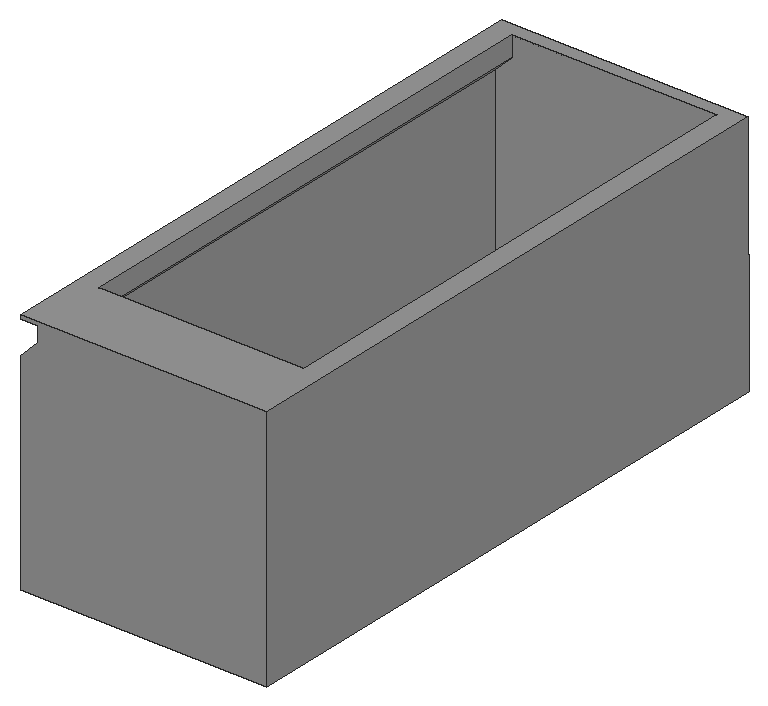
Revit family "Shower_Cabinet-Willoughby-US-3636-R", category Plumbing Fixtures, Revit 2015
Parameters (values of type "Standard")
  Waste Radius = Waste DIA / 2  # 1"
  Waste DIA = 2"
  Waste Connection = yes
  Vent Connection = no
  URL = "https://www.willoughby-ind.com/wp-content/uploads/2018/01/US-3636.pdf"
  Revision = "A"
  Model = "US-3636-R"
  Manufacturer = "Willoughby Industries"
  HW Connection = no
  HCW Inlet RAD = HCW Inlet DIA / 2  # 1/4"
  HCW Inlet DIA = 1/2"
  HCW Connection = yes
  Fixture Body = Stainless Steel AISI 304-Willoughby
  Description = "US 36\" X 36\" Cabinet Shower, Right Hand"
  Default Elevation = 0' - 0"
  Contact info = "(800) 428-4065"
  CW Connection = no
Reference planes (in)
  plane 1 "Center (Front/Back)": y = 0
  plane 2: z = 0
  plane 3 "Center (Left/Right)": x = 0
  plane 4: y = 88
  plane 5: x = -18
  plane 6: x = 18
  plane 7: z = 36
  plane 8: z = 18
  plane 9 "Waste Height": y = 6.5
Forms (in)
  Extrusion 1, solid, material "Stainless Steel AISI 304-Willoughby" <- "Fixture Body"
    sketch origin (0, 0, 0) x (1, 0, 0) y (0, 0, 1)
      loop
        line (-18, 0) -> (18, 0) -> (18, 36) -> (-18, 36) -> (-18, 35.5) -> (-15.5, 35.5) -> (-15.5, 33.20711) -> (-18, 30.70711) -> (-18, 0)
    from 0 to -88
  Extrusion 2, void, detail levels fine
    sketch origin (0, 0, 0) x (1, 0, 0) y (0, 0, 1)
      loop
        line (17.5, 0.5) -> (17.5, 30.5) -> (15, 33) -> (15, 36) -> (-15, 36) -> (-15, 33) -> (-17.5, 30.5) -> (-17.5, 0.5) -> (17.5, 0.5)
    from -10.5 to -86
  Extrusion 3, void, detail levels fine
    sketch origin (0, 0, 0) x (1, 0, 0) y (0, 0, 1)
      loop
        line (17.5, 0.5) -> (17.5, 30.5) -> (15, 33) -> (-15, 33) -> (-17.5, 30.5) -> (-17.5, 0.5) -> (17.5, 0.5)
    from -9 to -10.5
  Extrusion 4, void, detail levels fine
    sketch origin (0.89838, 0, 3.72188) x (1, 0, 0) y (0, 0, 1)
      loop
        circle (-0.89838, 14.27812) r 2
    from -8.61062 to -9
  Extrusion 5, solid, material "Stainless Steel AISI 304-Willoughby" <- "Fixture Body", detail levels fine
    sketch origin (0, 0, 0) x (1, 0, 0) y (0, 1, 0)
      loop
        circle (0, 6.5) r 1
    from 0 to 5.55813
  Extrusion 6, solid, material "Stainless Steel AISI 304-Willoughby" <- "Fixture Body"
    sketch origin (17.12132, 0, 30.87868) x (0.707107, 0, -0.707107) y (0, -1, 0)
      loop
        circle (-1.23223, -81) r 0.75
    from 0 to 2
Cuts and joins
  Extrusion 2, Extrusion 3, Extrusion 4 cuts Extrusion 1
Lines and regions (in)
  model lines, detail levels coarse+medium
    curve 1: line (-18, 0, 0) -> (18, 0, 0)
    curve 2: line (18, 0, 0) -> (18, 0, 36)
    curve 3: line (18, 0, 36) -> (-18, 0, 36)
    curve 4: line (-18, 0, 36) -> (-18, 0, 35.5)
    curve 5: line (-18, 0, 35.5) -> (-15.5, 0, 35.5)
    curve 6: line (-15.5, 0, 35.5) -> (-15.5, 0, 33.20711)
    curve 7: line (-15.5, 0, 33.20711) -> (-18, 0, 30.70711)
    curve 8: line (-18, 0, 30.70711) -> (-18, 0, 0)
    curve 24: line (0, 0, 0) -> (0, 88, 0)
    curve 25: line (0, 88, 0) -> (0, 88, 36)
    curve 26: line (0, 88, 36) -> (0, 0, 36)
    curve 27: line (0, 0, 36) -> (0, 0, 0)
    curve 28: line (0, 0, 35.5) -> (0, 88, 35.5)
  model lines, detail levels medium
    curve 9: line (-15, 0, 36) -> (-15, 0, 33)
    curve 10: line (-15, 0, 33) -> (-17.5, 0, 30.5)
    curve 11: line (-17.5, 0, 30.5) -> (-17.5, 0, 0.5)
    curve 12: line (-17.5, 0, 0.5) -> (17.5, 0, 0.5)
    curve 13: line (17.5, 0, 0.5) -> (17.5, 0, 30.5)
    curve 14: line (17.5, 0, 30.5) -> (15, 0, 33)
    curve 15: line (15, 0, 33) -> (15, 0, 36)
    curve 16: line (15.36612, 0, 29.80546) -> (14.30546, 0, 30.86612)
    curve 17: line (14.30546, 0, 30.86612) -> (15.71967, 0, 32.28033)
    curve 18: line (15.36612, 0, 29.80546) -> (16.78033, 0, 31.21967)
    curve 19: circle (0, 0, 18) r 2 normal (0, -1, 0)
    curve 20: line (15, 0, 33) -> (-15, 0, 33)
    curve 21: line (0.75, 0, 0.87743) -> (-0.75, 0, 0.87743)
    curve 22: line (-0.75, 0, 0.87743) -> (-0.75, 0, 0.5)
    curve 23: line (0.75, 0, 0.87743) -> (0.75, 0, 0.5)
    curve 29: line (0, 10.5, 36) -> (0, 10.5, 33)
    curve 30: line (0, 86, 33) -> (0, 9, 33)
    curve 31: line (0, 9, 33) -> (0, 9, 0.5)
    curve 32: line (0, 9, 0.5) -> (0, 86, 0.5)
    curve 33: line (0, 86, 0.5) -> (0, 86, 36)
    curve 34: line (0, 51.75, 0.87743) -> (0, 50.25, 0.87743)
    curve 35: line (0, 50.25, 0.87743) -> (0, 50.25, 0.5)
    curve 36: line (0, 51.75, 0.87743) -> (0, 51.75, 0.5)
    curve 37: spline (0, 80.25, 31.75) -> (0, 80.27556, 31.88726) -> (0, 80.35048, 32.01517) -> (0, 80.46967, 32.125) -> (0, 80.625, 32.20928) -> (0, 80.80589, 32.26226) -> (0, 81, 32.28033) -> (0, 81.19411, 32.26226) -> (0, 81.375, 32.20928) -> (0, 81.53033, 32.125) -> (0, 81.64952, 32.01517) -> (0, 81.72444, 31.88726) -> (0, 81.75, 31.75)
    curve 38: spline (0, 80.25, 30.33579) -> (0, 80.27556, 30.19853) -> (0, 80.35048, 30.07062) -> (0, 80.46967, 29.96079) -> (0, 80.625, 29.87651) -> (0, 80.80589, 29.82353) -> (0, 81, 29.80546) -> (0, 81.19411, 29.82353) -> (0, 81.375, 29.87651) -> (0, 81.53033, 29.96079) -> (0, 81.64952, 30.07062) -> (0, 81.72444, 30.19853) -> (0, 81.75, 30.33579)
    curve 39: line (0, 80.25, 30.33579) -> (0, 80.25, 31.75)
    curve 40: line (0, 81.75, 31.75) -> (0, 81.75, 30.33579)
    curve 41: line (0, 9, 30.5) -> (0, 80.25, 30.5)
    curve 42: line (0, 81.75, 30.5) -> (0, 86, 30.5)
    curve 43: spline (0, 81.75, 30.33579) -> (0, 81.72444, 30.47301) -> (0, 81.64952, 30.60088) -> (0, 81.53033, 30.71069) -> (0, 81.375, 30.79495) -> (0, 81.19411, 30.84791) -> (0, 81, 30.86598) -> (0, 80.80589, 30.84791) -> (0, 80.625, 30.79495) -> (0, 80.46967, 30.71069) -> (0, 80.35048, 30.60088) -> (0, 80.27556, 30.47301) -> (0, 80.25, 30.33579)
  symbolic lines
    curve 44: line (-18, 0, 0) -> (-18, 88, 0)
    curve 45: line (-18, 88, 0) -> (18, 88, 0)
    curve 46: line (18, 88, 0) -> (18, 0, 0)
    curve 47: line (18, 0, 0) -> (-18, 0, 0)
    curve 60: line (-18, 0, 0) -> (18, 0, 0)
    curve 61: line (18, 0, 0) -> (18, 0, 36)
    curve 62: line (18, 0, 36) -> (-18, 0, 36)
    curve 63: line (-18, 0, 36) -> (-18, 0, 35.5)
    curve 64: line (-18, 0, 35.5) -> (-15.5, 0, 35.5)
    curve 65: line (-15.5, 0, 35.5) -> (-15.5, 0, 33.20711)
    curve 66: line (-15.5, 0, 33.20711) -> (-18, 0, 30.70711)
    curve 67: line (-18, 0, 30.70711) -> (-18, 0, 0)
    curve 68: line (0, 0, 0) -> (0, 88, 0)
    curve 69: line (0, 88, 0) -> (0, 88, 36)
    curve 70: line (0, 88, 36) -> (0, 0, 36)
    curve 71: line (0, 0, 36) -> (0, 0, 0)
    curve 72: line (0, 0, 30.70711) -> (0, 88, 30.70711)
    curve 73: line (0, 88, 33.20711) -> (0, 0, 33.20711)
    curve 74: line (0, 0, 35.5) -> (0, 88, 35.5)
  symbolic lines, detail levels medium+fine
    curve 48: line (-17.5, 9, 0) -> (-17.5, 86, 0)
    curve 49: line (-17.5, 86, 0) -> (17.5, 86, 0)
    curve 50: line (17.5, 86, 0) -> (17.5, 9, 0)
    curve 51: line (17.5, 9, 0) -> (-17.5, 9, 0)
    curve 52: line (-15.5, 0, 0) -> (-15.5, 88, 0)
    curve 53: line (-15, 9, 0) -> (-15, 86, 0)
    curve 54: line (15, 86, 0) -> (15, 9, 0)
    curve 55: line (15, 10.5, 0) -> (-15, 10.5, 0)
  symbolic lines, detail levels fine
    curve 56: circle (0, 51, 0) r 0.75 normal (0, 0, 1)
    curve 57: line (15, 81.75, 0) -> (14.75, 81.75, 0)
    curve 58: line (15, 80.25, 0) -> (14.75, 80.25, 0)
    curve 59: spline (14.75, 81.75, 0) -> (14.63494, 81.72444, 0) -> (14.52773, 81.64952, 0) -> (14.43566, 81.53033, 0) -> (14.36501, 81.375, 0) -> (14.3206, 81.19411, 0) -> (14.30546, 81, 0) -> (14.3206, 80.80589, 0) -> (14.36501, 80.625, 0) -> (14.43566, 80.46967, 0) -> (14.52773, 80.35048, 0) -> (14.63494, 80.27556, 0) -> (14.75, 80.25, 0)
Dimensions and locks (in)
  plane 3 "Center (Left/Right)" to plane 5 = 1' - 6"
  plane 6 to plane 3 "Center (Left/Right)" = 1' - 6"
  plane 4 to cut or joined group of Extrusion 1, Extrusion 2, Extrusion 3, Extrusion 4 = 0' - 2"
  cut or joined group of Extrusion 1, Extrusion 2, Extrusion 3, Extrusion 4 to cut or joined group of Extrusion 1, Extrusion 2, Extrusion 3, Extrusion 4 = 0' - 10 1/2"
  cut or joined group of Extrusion 1, Extrusion 2, Extrusion 3, Extrusion 4 to plane 6 = 0' - 0 1/2"
  locked: cut or joined group of Extrusion 1, Extrusion 2, Extrusion 3, Extrusion 4 to cut or joined group of Extrusion 1, Extrusion 2, Extrusion 3, Extrusion 4 at 3
  cut or joined group of Extrusion 1, Extrusion 2, Extrusion 3, Extrusion 4 to plane 1 "Center (Front/Back)" = 0' - 9"
  level to plane 8 = 1' - 6"
  plane 1 "Center (Front/Back)" to plane 9 "Waste Height" = 0' - 6 1/2"
  Extrusion 6 sketch curve to cut or joined group of Extrusion 1, Extrusion 2, Extrusion 3, Extrusion 4 = 6' - 0"
  cut or joined group of Extrusion 1, Extrusion 2, Extrusion 3, Extrusion 4 to Extrusion 6 = 6' - 0"
  plane 1 "Center (Front/Back)" to plane 4 = 7' - 4"
  locked: plane 9 "Waste Height" to cut or joined group of Extrusion 1, Extrusion 2, Extrusion 3, Extrusion 4 at 2.5
  locked: plane 5 to plane 6 at 36
  angle cut or joined group of Extrusion 1, Extrusion 2, Extrusion 3, Extrusion 4 to cut or joined group of Extrusion 1, Extrusion 2, Extrusion 3, Extrusion 4 = 135.00°
  aligned and locked: Extrusion 1 to plane 4
  aligned: plane 5 to Extrusion 1
  aligned and locked: Extrusion 1 to plane 6
  aligned and locked: plane 7 to Extrusion 1
  aligned and locked: cut or joined group of Extrusion 1, Extrusion 2, Extrusion 3, Extrusion 4 to cut or joined group of Extrusion 1, Extrusion 2, Extrusion 3, Extrusion 4  (x3)
  aligned and locked: curve 19 to cut or joined group of Extrusion 1, Extrusion 2, Extrusion 3, Extrusion 4
  aligned and locked: level to cut or joined group of Extrusion 1, Extrusion 2, Extrusion 3, Extrusion 4
Connectors (in)
  piping at (0, 6.5, 0), diameter 2, driven by "Waste Connection"
    settings: on Extrusion 5, index 2, connector inside diameter 2", connector length 0' - 0", flow factor 0, pipe flow 0 GPM, pressure drop 0.00 psi, fitting loss kfactor 0, connector angle 0.00°, fixture units 0, engagement length 0' - 0", angle of deflection 0.00°, flow configuration 0, flow direction 2, fitting loss method 0, system type 16, joint type 0, gender type 0, connector reference index -1, connector utility 1, adjustable connector yes, is connector primary yes, connector description "Shower Drain"
